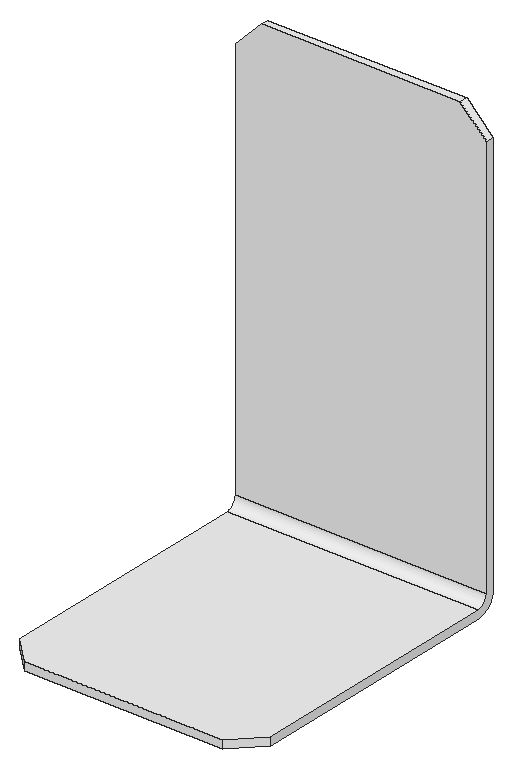
Revit family "JOMA_445", category Structural Connections, host Face, Revit 2012
Parameters (values of type "4450000")
  t = 3.000 mm
  l = 115.000 mm
  h = 170.000 mm
  b = 95.000 mm
  Vikt = "0,6"
  Typ = "VINKEL 445"
  Spikmönster Bult 2 0°≤α≤90° [instance] = no
  Spikmönster Bult 1 45°≤α≤90° [instance] = no
  Spikmönster Bult 1 0°≤α≤45° [instance] = no
  Spikmönster 45°≤α≤90° [instance] = no
  Spikmönster 0°≤α≤45° [instance] = no
  Spik/skruv [instance] = "ANKARSPIK 4,0x40"
  Material = Varmförzinkad stålplåt
  Länk Joma Dimensioneringsverktyg = "http://www.joma.se/dimensioneringsverktyg"
  Default Elevation = 0.000 mm
  Bult (betong) [instance] = "BULT M10"
  Antal spik/skruv i virkesdel B [instance] = if(Spikmönster 0°≤α≤45°, 17, if(Spikmönster 45°≤α≤90°, 17, if(Spikmönster Bult 1 0°≤α≤45°, 4, if(Spikmönster Bult 1 45°≤α≤90°, 4, if(Spikmönster Bult 2 0°≤α≤90°, 1, 0)))))  # 0
  Antal spik/skruv i virkesdel A [instance] = if(Spikmönster 0°≤α≤45°, 24, if(Spikmönster 45°≤α≤90°, 21, if(Spikmönster Bult 1 0°≤α≤45°, 24, if(Spikmönster Bult 1 45°≤α≤90°, 21, if(Spikmönster Bult 2 0°≤α≤90°, 11, 0)))))  # 0
  445 Spikmönster Bult 2 0°≤α≤90° [instance] = and(Spikmönster Bult 2 0°≤α≤90°, not(or(Spikmönster 45°≤α≤90°, Spikmönster Bult 1 0°≤α≤45°, Spikmönster Bult 1 45°≤α≤90°, Spikmönster 0°≤α≤45°)))  # no
  445 Spikmönster Bult 1 45°≤α≤90° [instance] = and(Spikmönster Bult 1 45°≤α≤90°, not(or(Spikmönster 45°≤α≤90°, Spikmönster Bult 1 0°≤α≤45°, Spikmönster 0°≤α≤45°, Spikmönster Bult 2 0°≤α≤90°)))  # no
  445 Spikmönster Bult 1 0°≤α≤45° [instance] = and(Spikmönster Bult 1 0°≤α≤45°, not(or(Spikmönster 45°≤α≤90°, Spikmönster 0°≤α≤45°, Spikmönster Bult 1 45°≤α≤90°, Spikmönster Bult 2 0°≤α≤90°)))  # no
  445 Spikmönster 45°≤α≤90° [instance] = and(Spikmönster 45°≤α≤90°, not(or(Spikmönster 0°≤α≤45°, Spikmönster Bult 1 0°≤α≤45°, Spikmönster Bult 1 45°≤α≤90°, Spikmönster Bult 2 0°≤α≤90°)))  # no
  445 Spikmönster 0°≤α≤45° [instance] = and(Spikmönster 0°≤α≤45°, not(or(Spikmönster 45°≤α≤90°, Spikmönster Bult 1 0°≤α≤45°, Spikmönster Bult 1 45°≤α≤90°, Spikmönster Bult 2 0°≤α≤90°)))  # no
Reference planes
  plane 1 "Center (Front/Back)": y = 0
  plane 2: z = 0
  plane 3 "Center (Left/Right)": x = 0
  plane 4: x = -47.5
  plane 5: x = 47.5
  plane 6: y = -115
  plane 7: z = 170
Forms (mm)
  Extrusion 1, solid, material "Varmförzinkad stålplåt" <- "Material"
    sketch origin (0, 0, 0) x (0, 1, 0) y (0, 0, 1)
      loop
        line (0, 170) -> (-3, 170) -> (-3, 6.843)
        arc (-3, 6.843) -> (-4.126, 4.126) -> (-6.843, 3) r 3.843
        line (-6.843, 3) -> (-115, 3) -> (-115, 0) -> (-6.843, 0)
        arc (-6.843, 0) -> (-2.004, 2.004) -> (0, 6.843) r 6.843
        line (0, 6.843) -> (0, 170)
    from -47.5 to 47.5
  Extrusion 2, void
    sketch origin (0, 0, 0) x (1, 0, 0) y (0, 1, 0)
      loop
        line (-47.5, -115) -> (-37.5, -115) -> (-47.5, -105) -> (-47.5, -115)
      loop
        line (47.5, -115) -> (47.5, -105) -> (37.5, -115) -> (47.5, -115)
    from 0 to 3 <- "t"
  Extrusion 3, void
    sketch origin (0, 0, 0) x (1, 0, 0) y (0, 0, 1)
      loop
        line (-47.5, 170) -> (-47.5, 160) -> (-37.5, 170) -> (-47.5, 170)
      loop
        line (47.5, 170) -> (37.5, 170) -> (47.5, 160) -> (47.5, 170)
    from 0 to 3 <- "t"
Cuts and joins
  Extrusion 2, Extrusion 3 cuts Extrusion 1
Lines and regions (mm)
  symbolic lines
    curve 1: circle (-40, -15, 0) r 2.5 normal (0, 0, 1)
    curve 2: circle (-22.5, -15, 0) r 2.5 normal (0, 0, 1)
    curve 3: circle (-31, -38, 0) r 2.5 normal (0, 0, 1)
    curve 4: circle (-17, -40, 0) r 2.5 normal (0, 0, 1)
    curve 5: circle (-40, -60, 0) r 2.5 normal (0, 0, 1)
    curve 6: circle (-26, -66, 0) r 2.5 normal (0, 0, 1)
    curve 7: circle (-40, -88, 0) r 2.5 normal (0, 0, 1)
    curve 8: circle (-22.5, -107.5, 0) r 2.5 normal (0, 0, 1)
    curve 9: circle (-32.5, -100, 0) r 5.5 normal (0, 0, 1)
    curve 10: circle (0, -107.5, 0) r 2.5 normal (0, 0, 1)
    curve 11: circle (-32.5, -25, 0) r 5.5 normal (0, 0, 1)
    curve 12: circle (40, -15, 0) r 2.5 normal (0, 0, -1)
    curve 13: circle (22.5, -15, 0) r 2.5 normal (0, 0, -1)
    curve 14: circle (31, -38, 0) r 2.5 normal (0, 0, -1)
    curve 15: circle (17, -40, 0) r 2.5 normal (0, 0, -1)
    curve 16: circle (40, -60, 0) r 2.5 normal (0, 0, -1)
    curve 17: circle (26, -66, 0) r 2.5 normal (0, 0, -1)
    curve 18: circle (40, -88, 0) r 2.5 normal (0, 0, -1)
    curve 19: circle (22.5, -107.5, 0) r 2.5 normal (0, 0, -1)
    curve 20: circle (32.5, -100, 0) r 5.5 normal (0, 0, -1)
    curve 21: circle (32.5, -25, 0) r 5.5 normal (0, 0, -1)
    curve 22: circle (0, -85, 0) r 5.5 normal (0, 0, 1)
    curve 23: spline (-9.52, -47.559, 0) -> (-8.298, -55.053, 0) -> (-6.883, -61.437, 0) -> (-5.307, -66.564, 0) -> (-3.608, -70.314, 0) -> (-1.825, -72.599, 0) -> (0, -73.367, 0) -> (1.825, -72.599, 0) -> (3.608, -70.314, 0) -> (5.307, -66.564, 0) -> (6.883, -61.437, 0) -> (8.298, -55.053, 0) -> (9.52, -47.559, 0)
    curve 24: line (-9.52, -47.559, 0) -> (-13.417, -19.641, 0)
    curve 25: line (13.417, -19.641, 0) -> (9.52, -47.559, 0)
    curve 26: spline (-6.347, -9.6, 0) -> (-5.532, -10.493, 0) -> (-4.589, -11.255, 0) -> (-3.538, -11.866, 0) -> (-2.406, -12.313, 0) -> (-1.217, -12.586, 0) -> (0, -12.677, 0) -> (1.217, -12.586, 0) -> (2.406, -12.313, 0) -> (3.538, -11.866, 0) -> (4.589, -11.255, 0) -> (5.532, -10.493, 0) -> (6.347, -9.6, 0)
    curve 27: spline (13.417, -3, 0) -> (13.111, -3.012, 0) -> (12.806, -3.048, 0) -> (12.505, -3.107, 0) -> (12.21, -3.19, 0) -> (11.922, -3.296, 0) -> (11.642, -3.424, 0) -> (11.374, -3.573, 0) -> (11.118, -3.743, 0) -> (10.875, -3.932, 0) -> (10.648, -4.14, 0) -> (10.437, -4.365, 0) -> (10.244, -4.606, 0)
    curve 28: line (6.347, -9.6, 0) -> (10.244, -4.606, 0)
    curve 29: line (-10.244, -4.606, 0) -> (-6.347, -9.6, 0)
    curve 30: spline (-10.244, -4.606, 0) -> (-10.437, -4.365, 0) -> (-10.648, -4.14, 0) -> (-10.875, -3.932, 0) -> (-11.118, -3.743, 0) -> (-11.374, -3.573, 0) -> (-11.642, -3.424, 0) -> (-11.922, -3.296, 0) -> (-12.21, -3.19, 0) -> (-12.505, -3.107, 0) -> (-12.806, -3.048, 0) -> (-13.111, -3.012, 0) -> (-13.417, -3, 0)
    curve 31: arc (13.417, -19.641, 0) -> (16.205, -11.048, 0) -> (20.309, -3, 0) r 57.275
    curve 32: arc (-13.417, -19.641, 0) -> (-16.24, -11.062, 0) -> (-20.309, -3, 0) r 60.486
    curve 65: circle (-40, 0, 146.5) r 2.5 normal (0, -1, 0)
    curve 66: circle (-40, 0, 118.5) r 2.5 normal (0, -1, 0)
    curve 67: circle (-40, 0, 90.5) r 2.5 normal (0, -1, 0)
    curve 68: circle (-40, 0, 62.5) r 2.5 normal (0, -1, 0)
    curve 69: circle (-40, 0, 45) r 2.5 normal (0, -1, 0)
    curve 70: circle (-25, 0, 45) r 5.5 normal (0, -1, 0)
    curve 71: circle (-17.5, 0, 35) r 2.5 normal (0, -1, 0)
    curve 72: circle (-14, 0, 57.5) r 2.5 normal (0, -1, 0)
    curve 73: circle (-26, 0, 71.5) r 2.5 normal (0, -1, 0)
    curve 74: circle (-30, 0, 85) r 5.5 normal (0, -1, 0)
    curve 75: circle (-14, 0, 85.5) r 2.5 normal (0, -1, 0)
    curve 76: circle (-26, 0, 104.5) r 2.5 normal (0, -1, 0)
    curve 77: circle (-26.5, 0, 162.5) r 2.5 normal (0, -1, 0)
    curve 78: circle (-25, 0, 150) r 5.5 normal (0, -1, 0)
    curve 79: circle (-14, 0, 137) r 2.5 normal (0, -1, 0)
    curve 80: circle (0, 0, 157.5) r 2.5 normal (0, -1, 0)
    curve 81: circle (0, 0, 127.5) r 2.5 normal (0, -1, 0)
    curve 82: circle (0, 0, 99.5) r 2.5 normal (0, -1, 0)
    curve 83: circle (40, 0, 146.5) r 2.5 normal (0, 1, 0)
    curve 84: circle (40, 0, 118.5) r 2.5 normal (0, 1, 0)
    curve 85: circle (40, 0, 90.5) r 2.5 normal (0, 1, 0)
    curve 86: circle (40, 0, 62.5) r 2.5 normal (0, 1, 0)
    curve 87: circle (40, 0, 45) r 2.5 normal (0, 1, 0)
    curve 88: circle (25, 0, 45) r 5.5 normal (0, 1, 0)
    curve 89: circle (17.5, 0, 35) r 2.5 normal (0, 1, 0)
    curve 90: circle (14, 0, 57.5) r 2.5 normal (0, 1, 0)
    curve 91: circle (26, 0, 71.5) r 2.5 normal (0, 1, 0)
    curve 92: circle (30, 0, 85) r 5.5 normal (0, 1, 0)
    curve 93: circle (14, 0, 85.5) r 2.5 normal (0, 1, 0)
    curve 94: circle (26, 0, 104.5) r 2.5 normal (0, 1, 0)
    curve 95: circle (26.5, 0, 162.5) r 2.5 normal (0, 1, 0)
    curve 96: circle (25, 0, 150) r 5.5 normal (0, 1, 0)
    curve 97: circle (14, 0, 137) r 2.5 normal (0, 1, 0)
    curve 98: line (-13.417, 0, 19.641) -> (-9.52, 0, 47.559)
    curve 99: spline (9.52, 0, 47.559) -> (8.298, 0, 55.053) -> (6.883, 0, 61.437) -> (5.307, 0, 66.564) -> (3.608, 0, 70.314) -> (1.825, 0, 72.599) -> (0, 0, 73.367) -> (-1.825, 0, 72.599) -> (-3.608, 0, 70.314) -> (-5.307, 0, 66.564) -> (-6.883, 0, 61.437) -> (-8.298, 0, 55.053) -> (-9.52, 0, 47.559)
    curve 100: line (9.52, 0, 47.559) -> (13.417, 0, 19.641)
    curve 101: line (17.956, 0, 7.345) -> (20.307, 0, 3)
    curve 102: line (-20.307, 0, 3) -> (-17.956, 0, 7.345)
    curve 103: line (-10.244, 0, 4.606) -> (-6.347, 0, 9.6)
    curve 104: spline (10.244, 0, 4.606) -> (10.437, 0, 4.365) -> (10.648, 0, 4.14) -> (10.875, 0, 3.932) -> (11.118, 0, 3.743) -> (11.374, 0, 3.573) -> (11.642, 0, 3.424) -> (11.922, 0, 3.296) -> (12.21, 0, 3.19) -> (12.505, 0, 3.107) -> (12.806, 0, 3.048) -> (13.111, 0, 3.012) -> (13.417, 0, 3)
    curve 105: line (6.347, 0, 9.6) -> (10.244, 0, 4.606)
    curve 106: spline (6.347, 0, 9.6) -> (5.532, 0, 10.493) -> (4.589, 0, 11.255) -> (3.538, 0, 11.866) -> (2.406, 0, 12.313) -> (1.217, 0, 12.586) -> (0, 0, 12.677) -> (-1.217, 0, 12.586) -> (-2.406, 0, 12.313) -> (-3.538, 0, 11.866) -> (-4.589, 0, 11.255) -> (-5.532, 0, 10.493) -> (-6.347, 0, 9.6)
    curve 107: spline (-13.417, 0, 3) -> (-13.111, 0, 3.012) -> (-12.806, 0, 3.048) -> (-12.505, 0, 3.107) -> (-12.21, 0, 3.19) -> (-11.922, 0, 3.296) -> (-11.642, 0, 3.424) -> (-11.374, 0, 3.573) -> (-11.118, 0, 3.743) -> (-10.875, 0, 3.932) -> (-10.648, 0, 4.14) -> (-10.437, 0, 4.365) -> (-10.244, 0, 4.606)
    curve 108: arc (-17.956, 0, 7.345) -> (-15.023, 0, 13.248) -> (-13.417, 0, 19.641) r 30.728
    curve 109: arc (13.417, 0, 19.641) -> (15.023, 0, 13.248) -> (17.956, 0, 7.345) r 30.728
    curve 155: line (0, -3.067, 72.639) -> (0, -12.677, 20.691)
    curve 156: arc (0, -12.677, 20.691) -> (0, -15.439, 15.439) -> (0, -20.691, 12.677) r 10
    curve 157: line (0, -20.691, 12.677) -> (0, -72.639, 3.067)
  symbolic lines, not visible
    curve 33: circle (-40, -15, 0) r 2.5 normal (0, 0, 1)
    curve 34: circle (-22.5, -15, 0) r 2.5 normal (0, 0, 1)
    curve 35: circle (-31, -38, 0) r 2.5 normal (0, 0, 1)
    curve 36: circle (-17, -40, 0) r 2.5 normal (0, 0, 1)
    curve 37: circle (-40, -60, 0) r 2.5 normal (0, 0, 1)
    curve 38: circle (-26, -66, 0) r 2.5 normal (0, 0, 1)
    curve 39: circle (-40, -88, 0) r 2.5 normal (0, 0, 1)
    curve 40: circle (-22.5, -107.5, 0) r 2.5 normal (0, 0, 1)
    curve 41: circle (-32.5, -100, 0) r 5.5 normal (0, 0, 1)
    curve 42: circle (0, -107.5, 0) r 2.5 normal (0, 0, 1)
    curve 43: circle (-32.5, -25, 0) r 5.5 normal (0, 0, 1)
    curve 44: circle (40, -15, 0) r 2.5 normal (0, 0, -1)
    curve 45: circle (22.5, -15, 0) r 2.5 normal (0, 0, -1)
    curve 46: circle (31, -38, 0) r 2.5 normal (0, 0, -1)
    curve 47: circle (17, -40, 0) r 2.5 normal (0, 0, -1)
    curve 48: circle (40, -60, 0) r 2.5 normal (0, 0, -1)
    curve 49: circle (26, -66, 0) r 2.5 normal (0, 0, -1)
    curve 50: circle (40, -88, 0) r 2.5 normal (0, 0, -1)
    curve 51: circle (22.5, -107.5, 0) r 2.5 normal (0, 0, -1)
    curve 52: circle (32.5, -100, 0) r 5.5 normal (0, 0, -1)
    curve 53: circle (32.5, -25, 0) r 5.5 normal (0, 0, -1)
    curve 54: circle (0, -85, 0) r 5.5 normal (0, 0, 1)
    curve 55: spline (-9.52, -47.559, 0) -> (-8.298, -55.053, 0) -> (-6.883, -61.437, 0) -> (-5.307, -66.564, 0) -> (-3.608, -70.314, 0) -> (-1.825, -72.599, 0) -> (0, -73.367, 0) -> (1.825, -72.599, 0) -> (3.608, -70.314, 0) -> (5.307, -66.564, 0) -> (6.883, -61.437, 0) -> (8.298, -55.053, 0) -> (9.52, -47.559, 0)
    curve 56: line (-9.52, -47.559, 0) -> (-13.417, -19.641, 0)
    curve 57: line (13.417, -19.641, 0) -> (9.52, -47.559, 0)
    curve 58: spline (-6.347, -9.6, 0) -> (-5.532, -10.493, 0) -> (-4.589, -11.255, 0) -> (-3.538, -11.866, 0) -> (-2.406, -12.313, 0) -> (-1.217, -12.586, 0) -> (0, -12.677, 0) -> (1.217, -12.586, 0) -> (2.406, -12.313, 0) -> (3.538, -11.866, 0) -> (4.589, -11.255, 0) -> (5.532, -10.493, 0) -> (6.347, -9.6, 0)
    curve 59: spline (13.417, -3, 0) -> (13.111, -3.012, 0) -> (12.806, -3.048, 0) -> (12.505, -3.107, 0) -> (12.21, -3.19, 0) -> (11.922, -3.296, 0) -> (11.642, -3.424, 0) -> (11.374, -3.573, 0) -> (11.118, -3.743, 0) -> (10.875, -3.932, 0) -> (10.648, -4.14, 0) -> (10.437, -4.365, 0) -> (10.244, -4.606, 0)
    curve 60: line (6.347, -9.6, 0) -> (10.244, -4.606, 0)
    curve 61: line (-10.244, -4.606, 0) -> (-6.347, -9.6, 0)
    curve 62: spline (-10.244, -4.606, 0) -> (-10.437, -4.365, 0) -> (-10.648, -4.14, 0) -> (-10.875, -3.932, 0) -> (-11.118, -3.743, 0) -> (-11.374, -3.573, 0) -> (-11.642, -3.424, 0) -> (-11.922, -3.296, 0) -> (-12.21, -3.19, 0) -> (-12.505, -3.107, 0) -> (-12.806, -3.048, 0) -> (-13.111, -3.012, 0) -> (-13.417, -3, 0)
    curve 63: arc (13.417, -19.641, 0) -> (16.205, -11.048, 0) -> (20.309, -3, 0) r 57.275
    curve 64: arc (-13.417, -19.641, 0) -> (-16.24, -11.062, 0) -> (-20.309, -3, 0) r 60.486
    curve 110: circle (-40, 0, 146.5) r 2.5 normal (0, -1, 0)
    curve 111: circle (-40, 0, 118.5) r 2.5 normal (0, -1, 0)
    curve 112: circle (-40, 0, 90.5) r 2.5 normal (0, -1, 0)
    curve 113: circle (-40, 0, 62.5) r 2.5 normal (0, -1, 0)
    curve 114: circle (-40, 0, 45) r 2.5 normal (0, -1, 0)
    curve 115: circle (-25, 0, 45) r 5.5 normal (0, -1, 0)
    curve 116: circle (-17.5, 0, 35) r 2.5 normal (0, -1, 0)
    curve 117: circle (-14, 0, 57.5) r 2.5 normal (0, -1, 0)
    curve 118: circle (-26, 0, 71.5) r 2.5 normal (0, -1, 0)
    curve 119: circle (-30, 0, 85) r 5.5 normal (0, -1, 0)
    curve 120: circle (-14, 0, 85.5) r 2.5 normal (0, -1, 0)
    curve 121: circle (-26, 0, 104.5) r 2.5 normal (0, -1, 0)
    curve 122: circle (-26.5, 0, 162.5) r 2.5 normal (0, -1, 0)
    curve 123: circle (-25, 0, 150) r 5.5 normal (0, -1, 0)
    curve 124: circle (-14, 0, 137) r 2.5 normal (0, -1, 0)
    curve 125: circle (0, 0, 157.5) r 2.5 normal (0, -1, 0)
    curve 126: circle (0, 0, 127.5) r 2.5 normal (0, -1, 0)
    curve 127: circle (0, 0, 99.5) r 2.5 normal (0, -1, 0)
    curve 128: circle (40, 0, 146.5) r 2.5 normal (0, 1, 0)
    curve 129: circle (40, 0, 118.5) r 2.5 normal (0, 1, 0)
    curve 130: circle (40, 0, 90.5) r 2.5 normal (0, 1, 0)
    curve 131: circle (40, 0, 62.5) r 2.5 normal (0, 1, 0)
    curve 132: circle (40, 0, 45) r 2.5 normal (0, 1, 0)
    curve 133: circle (25, 0, 45) r 5.5 normal (0, 1, 0)
    curve 134: circle (17.5, 0, 35) r 2.5 normal (0, 1, 0)
    curve 135: circle (14, 0, 57.5) r 2.5 normal (0, 1, 0)
    curve 136: circle (26, 0, 71.5) r 2.5 normal (0, 1, 0)
    curve 137: circle (30, 0, 85) r 5.5 normal (0, 1, 0)
    curve 138: circle (14, 0, 85.5) r 2.5 normal (0, 1, 0)
    curve 139: circle (26, 0, 104.5) r 2.5 normal (0, 1, 0)
    curve 140: circle (26.5, 0, 162.5) r 2.5 normal (0, 1, 0)
    curve 141: circle (25, 0, 150) r 5.5 normal (0, 1, 0)
    curve 142: circle (14, 0, 137) r 2.5 normal (0, 1, 0)
    curve 143: line (-13.417, 0, 19.641) -> (-9.52, 0, 47.559)
    curve 144: spline (9.52, 0, 47.559) -> (8.298, 0, 55.053) -> (6.883, 0, 61.437) -> (5.307, 0, 66.564) -> (3.608, 0, 70.314) -> (1.825, 0, 72.599) -> (0, 0, 73.367) -> (-1.825, 0, 72.599) -> (-3.608, 0, 70.314) -> (-5.307, 0, 66.564) -> (-6.883, 0, 61.437) -> (-8.298, 0, 55.053) -> (-9.52, 0, 47.559)
    curve 145: line (9.52, 0, 47.559) -> (13.417, 0, 19.641)
    curve 146: line (17.956, 0, 7.345) -> (20.307, 0, 3)
    curve 147: line (-20.307, 0, 3) -> (-17.956, 0, 7.345)
    curve 148: line (-10.244, 0, 4.606) -> (-6.347, 0, 9.6)
    curve 149: spline (10.244, 0, 4.606) -> (10.437, 0, 4.365) -> (10.648, 0, 4.14) -> (10.875, 0, 3.932) -> (11.118, 0, 3.743) -> (11.374, 0, 3.573) -> (11.642, 0, 3.424) -> (11.922, 0, 3.296) -> (12.21, 0, 3.19) -> (12.505, 0, 3.107) -> (12.806, 0, 3.048) -> (13.111, 0, 3.012) -> (13.417, 0, 3)
    curve 150: line (6.347, 0, 9.6) -> (10.244, 0, 4.606)
    curve 151: spline (6.347, 0, 9.6) -> (5.532, 0, 10.493) -> (4.589, 0, 11.255) -> (3.538, 0, 11.866) -> (2.406, 0, 12.313) -> (1.217, 0, 12.586) -> (0, 0, 12.677) -> (-1.217, 0, 12.586) -> (-2.406, 0, 12.313) -> (-3.538, 0, 11.866) -> (-4.589, 0, 11.255) -> (-5.532, 0, 10.493) -> (-6.347, 0, 9.6)
    curve 152: spline (-13.417, 0, 3) -> (-13.111, 0, 3.012) -> (-12.806, 0, 3.048) -> (-12.505, 0, 3.107) -> (-12.21, 0, 3.19) -> (-11.922, 0, 3.296) -> (-11.642, 0, 3.424) -> (-11.374, 0, 3.573) -> (-11.118, 0, 3.743) -> (-10.875, 0, 3.932) -> (-10.648, 0, 4.14) -> (-10.437, 0, 4.365) -> (-10.244, 0, 4.606)
    curve 153: arc (-17.956, 0, 7.345) -> (-15.023, 0, 13.248) -> (-13.417, 0, 19.641) r 30.728
    curve 154: arc (13.417, 0, 19.641) -> (15.023, 0, 13.248) -> (17.956, 0, 7.345) r 30.728
    curve 158: line (0, -3.067, 72.639) -> (0, -12.677, 20.691)
    curve 159: arc (0, -12.677, 20.691) -> (0, -15.439, 15.439) -> (0, -20.691, 12.677) r 10
    curve 160: line (0, -20.691, 12.677) -> (0, -72.639, 3.067)
Text (mm)
  text "Virkesdel A" at (307.229, 0, 152.844), in view "Front"
  text "Virkesdel B/Betong" at (228.879, -12.888, 0), in view "Ref. Level"
Dimensions and locks
  "b": plane 5 to plane 4
  "l": plane 1 "Center (Front/Back)" to plane 6
  "h": plane 7 to host face
  equal spacing: plane 5, plane 3 "Center (Left/Right)", plane 4
  "t": plane 1 "Center (Front/Back)" to Extrusion 1
  "t": Extrusion 1 to host face
  aligned and locked: plane 2 to host face
  aligned and locked: level to host face
  aligned and locked: plane 5 to Extrusion 1
  aligned and locked: Extrusion 1 to plane 4
  aligned and locked: Extrusion 1 to plane 6
  aligned and locked: plane 7 to Extrusion 1
Automatic sketch dimensions
  host sketch curve to host sketch curve = 2438.400 mm  (x2)
  Extrusion 1 sketch curve to plane 6 = 0.000 mm
  Extrusion 1 sketch curve to level = 0.000 mm
  Extrusion 1 sketch curve to plane 7 = 0.000 mm
  plane 1 "Center (Front/Back)" to Extrusion 1 sketch curve = 6.843 mm
  Extrusion 1 sketch curve to Extrusion 1 sketch curve = 0.000 mm
  plane 1 "Center (Front/Back)" to Extrusion 1 sketch curve = 3.000 mm
  Extrusion 1 sketch curve to plane 1 "Center (Front/Back)" = 0.000 mm
  level to Extrusion 1 sketch curve = 3.000 mm
  Extrusion 2 sketch curve to plane 4 = 0.000 mm
  Extrusion 2 sketch curve to plane 6 = 0.000 mm  (x2)
  Extrusion 2 sketch curve to plane 5 = 0.000 mm
  plane 4 to Extrusion 2 sketch curve = 10.000 mm
  Extrusion 2 sketch curve to plane 5 = 10.000 mm
  plane 6 to Extrusion 2 sketch curve = 10.000 mm  (x2)
  Extrusion 3 sketch curve to plane 4 = 0.000 mm
  Extrusion 3 sketch curve to plane 7 = 0.000 mm  (x2)
  Extrusion 3 sketch curve to plane 5 = 0.000 mm
  plane 4 to Extrusion 3 sketch curve = 10.000 mm
  Extrusion 3 sketch curve to plane 5 = 10.000 mm
  Extrusion 3 sketch curve to plane 7 = 10.000 mm  (x2)
Nested families
  nested 1: "Spikmönster" at (-26.5, 0, 162.5) x (1, 0, 0) z (0, -1, 0), visible <- "445 Spikmönster 0°≤α≤45°", type "Ø5"
  nested 2: "Spikmönster" at (26.5, 0, 162.5) x (1, 0, 0) z (0, -1, 0), visible <- "445 Spikmönster 0°≤α≤45°", type "Ø5"
  nested 3: "Spikmönster" at (0, 0, 157.5) x (1, 0, 0) z (0, -1, 0), visible <- "445 Spikmönster 0°≤α≤45°", type "Ø5"
  nested 4: "Spikmönster" at (-40, 0, 146.5) x (1, 0, 0) z (0, -1, 0), visible <- "445 Spikmönster 0°≤α≤45°", type "Ø5"
  nested 5: "Spikmönster" at (40, 0, 146.5) x (1, 0, 0) z (0, -1, 0), visible <- "445 Spikmönster 0°≤α≤45°", type "Ø5"
  nested 6: "Spikmönster" at (14, 0, 137) x (1, 0, 0) z (0, -1, 0), visible <- "445 Spikmönster 0°≤α≤45°", type "Ø5"
  nested 7: "Spikmönster" at (-14, 0, 137) x (1, 0, 0) z (0, -1, 0), visible <- "445 Spikmönster 0°≤α≤45°", type "Ø5"
  nested 8: "Spikmönster" at (-40, 0, 118.5) x (1, 0, 0) z (0, -1, 0), visible <- "445 Spikmönster 0°≤α≤45°", type "Ø5"
  nested 9: "Spikmönster" at (40, 0, 118.5) x (1, 0, 0) z (0, -1, 0), visible <- "445 Spikmönster 0°≤α≤45°", type "Ø5"
  nested 10: "Spikmönster" at (26, 0, 104.5) x (1, 0, 0) z (0, -1, 0), visible <- "445 Spikmönster 0°≤α≤45°", type "Ø5"
  nested 11: "Spikmönster" at (-26, 0, 104.5) x (1, 0, 0) z (0, -1, 0), visible <- "445 Spikmönster 0°≤α≤45°", type "Ø5"
  nested 12: "Spikmönster" at (0, 0, 99.5) x (1, 0, 0) z (0, -1, 0), visible <- "445 Spikmönster 0°≤α≤45°", type "Ø5"
  nested 13: "Spikmönster" at (40, 0, 90.5) x (1, 0, 0) z (0, -1, 0), visible <- "445 Spikmönster 0°≤α≤45°", type "Ø5"
  nested 14: "Spikmönster" at (14, 0, 85.5) x (1, 0, 0) z (0, -1, 0), visible <- "445 Spikmönster 0°≤α≤45°", type "Ø5"
  nested 15: "Spikmönster" at (-14, 0, 85.5) x (1, 0, 0) z (0, -1, 0), visible <- "445 Spikmönster 0°≤α≤45°", type "Ø5"
  nested 16: "Spikmönster" at (-40, 0, 90.5) x (1, 0, 0) z (0, -1, 0), visible <- "445 Spikmönster 0°≤α≤45°", type "Ø5"
  nested 17: "Spikmönster" at (-40, 0, 62.5) x (1, 0, 0) z (0, -1, 0), visible <- "445 Spikmönster 0°≤α≤45°", type "Ø5"
  nested 18: "Spikmönster" at (-40, 0, 45) x (1, 0, 0) z (0, -1, 0), visible <- "445 Spikmönster 0°≤α≤45°", type "Ø5"
  nested 19: "Spikmönster" at (-17.5, 0, 35) x (1, 0, 0) z (0, -1, 0), visible <- "445 Spikmönster 0°≤α≤45°", type "Ø5"
  nested 20: "Spikmönster" at (-14, 0, 57.5) x (1, 0, 0) z (0, -1, 0), visible <- "445 Spikmönster 0°≤α≤45°", type "Ø5"
  nested 21: "Spikmönster" at (14, 0, 57.5) x (1, 0, 0) z (0, -1, 0), visible <- "445 Spikmönster 0°≤α≤45°", type "Ø5"
  nested 22: "Spikmönster" at (40, 0, 45) x (1, 0, 0) z (0, -1, 0), visible <- "445 Spikmönster 0°≤α≤45°", type "Ø5"
  nested 23: "Spikmönster" at (17.5, 0, 35) x (1, 0, 0) z (0, -1, 0), visible <- "445 Spikmönster 0°≤α≤45°", type "Ø5"
  nested 24: "Spikmönster" at (40, 0, 62.5) x (1, 0, 0) z (0, -1, 0), visible <- "445 Spikmönster 0°≤α≤45°", type "Ø5"
  nested 25: "Spikmönster" at (-26.5, 0, 162.5) x (1, 0, 0) z (0, -1, 0), visible <- "445 Spikmönster 45°≤α≤90°", type "Ø5"
  nested 26: "Spikmönster" at (26.5, 0, 162.5) x (1, 0, 0) z (0, -1, 0), visible <- "445 Spikmönster 45°≤α≤90°", type "Ø5"
  nested 27: "Spikmönster" at (0, 0, 157.5) x (1, 0, 0) z (0, -1, 0), visible <- "445 Spikmönster 45°≤α≤90°", type "Ø5"
  nested 28: "Spikmönster" at (-40, 0, 146.5) x (1, 0, 0) z (0, -1, 0), visible <- "445 Spikmönster 45°≤α≤90°", type "Ø5"
  nested 29: "Spikmönster" at (40, 0, 146.5) x (1, 0, 0) z (0, -1, 0), visible <- "445 Spikmönster 45°≤α≤90°", type "Ø5"
  nested 30: "Spikmönster" at (14, 0, 137) x (1, 0, 0) z (0, -1, 0), visible <- "445 Spikmönster 45°≤α≤90°", type "Ø5"
  nested 31: "Spikmönster" at (-14, 0, 137) x (1, 0, 0) z (0, -1, 0), visible <- "445 Spikmönster 45°≤α≤90°", type "Ø5"
  nested 32: "Spikmönster" at (-40, 0, 118.5) x (1, 0, 0) z (0, -1, 0), visible <- "445 Spikmönster 45°≤α≤90°", type "Ø5"
  nested 33: "Spikmönster" at (40, 0, 118.5) x (1, 0, 0) z (0, -1, 0), visible <- "445 Spikmönster 45°≤α≤90°", type "Ø5"
  nested 34: "Spikmönster" at (26, 0, 104.5) x (1, 0, 0) z (0, -1, 0), visible <- "445 Spikmönster 45°≤α≤90°", type "Ø5"
  nested 35: "Spikmönster" at (-26, 0, 104.5) x (1, 0, 0) z (0, -1, 0), visible <- "445 Spikmönster 45°≤α≤90°", type "Ø5"
  nested 36: "Spikmönster" at (0, 0, 99.5) x (1, 0, 0) z (0, -1, 0), visible <- "445 Spikmönster 45°≤α≤90°", type "Ø5"
  nested 37: "Spikmönster" at (40, 0, 90.5) x (1, 0, 0) z (0, -1, 0), visible <- "445 Spikmönster 45°≤α≤90°", type "Ø5"
  nested 38: "Spikmönster" at (-40, 0, 90.5) x (1, 0, 0) z (0, -1, 0), visible <- "445 Spikmönster 45°≤α≤90°", type "Ø5"
  nested 39: "Spikmönster" at (-40, 0, 62.5) x (1, 0, 0) z (0, -1, 0), visible <- "445 Spikmönster 45°≤α≤90°", type "Ø5"
  nested 40: "Spikmönster" at (-14, 0, 57.5) x (1, 0, 0) z (0, -1, 0), visible <- "445 Spikmönster 45°≤α≤90°", type "Ø5"
  nested 41: "Spikmönster" at (14, 0, 57.5) x (1, 0, 0) z (0, -1, 0), visible <- "445 Spikmönster 45°≤α≤90°", type "Ø5"
  nested 42: "Spikmönster" at (40, 0, 62.5) x (1, 0, 0) z (0, -1, 0), visible <- "445 Spikmönster 45°≤α≤90°", type "Ø5"
  nested 43: "Spikmönster" at (0, 0, 127.5) x (1, 0, 0) z (0, -1, 0), visible <- "445 Spikmönster 45°≤α≤90°", type "Ø5"
  nested 44: "Spikmönster" at (-26, 0, 71.5) x (1, 0, 0) z (0, -1, 0), visible <- "445 Spikmönster 45°≤α≤90°", type "Ø5"
  nested 45: "Spikmönster" at (26, 0, 71.5) x (1, 0, 0) z (0, -1, 0), visible <- "445 Spikmönster 45°≤α≤90°", type "Ø5"
  nested 46: "Spikmönster" at (-26.5, 0, 162.5) x (1, 0, 0) z (0, -1, 0), visible <- "445 Spikmönster 0°≤α≤45°", type "Ø5", not visible
  nested 47: "Spikmönster" at (26.5, 0, 162.5) x (1, 0, 0) z (0, -1, 0), visible <- "445 Spikmönster 0°≤α≤45°", type "Ø5", not visible
  nested 48: "Spikmönster" at (0, 0, 157.5) x (1, 0, 0) z (0, -1, 0), visible <- "445 Spikmönster 0°≤α≤45°", type "Ø5", not visible
  nested 49: "Spikmönster" at (-40, 0, 146.5) x (1, 0, 0) z (0, -1, 0), visible <- "445 Spikmönster 0°≤α≤45°", type "Ø5", not visible
  nested 50: "Spikmönster" at (40, 0, 146.5) x (1, 0, 0) z (0, -1, 0), visible <- "445 Spikmönster 0°≤α≤45°", type "Ø5", not visible
  nested 51: "Spikmönster" at (14, 0, 137) x (1, 0, 0) z (0, -1, 0), visible <- "445 Spikmönster 0°≤α≤45°", type "Ø5", not visible
  nested 52: "Spikmönster" at (-14, 0, 137) x (1, 0, 0) z (0, -1, 0), visible <- "445 Spikmönster 0°≤α≤45°", type "Ø5", not visible
  nested 53: "Spikmönster" at (-40, 0, 118.5) x (1, 0, 0) z (0, -1, 0), visible <- "445 Spikmönster 0°≤α≤45°", type "Ø5", not visible
  nested 54: "Spikmönster" at (40, 0, 118.5) x (1, 0, 0) z (0, -1, 0), visible <- "445 Spikmönster 0°≤α≤45°", type "Ø5", not visible
  nested 55: "Spikmönster" at (26, 0, 104.5) x (1, 0, 0) z (0, -1, 0), visible <- "445 Spikmönster 0°≤α≤45°", type "Ø5", not visible
  nested 56: "Spikmönster" at (-26, 0, 104.5) x (1, 0, 0) z (0, -1, 0), visible <- "445 Spikmönster 0°≤α≤45°", type "Ø5", not visible
  nested 57: "Spikmönster" at (0, 0, 99.5) x (1, 0, 0) z (0, -1, 0), visible <- "445 Spikmönster 0°≤α≤45°", type "Ø5", not visible
  nested 58: "Spikmönster" at (40, 0, 90.5) x (1, 0, 0) z (0, -1, 0), visible <- "445 Spikmönster 0°≤α≤45°", type "Ø5", not visible
  nested 59: "Spikmönster" at (14, 0, 85.5) x (1, 0, 0) z (0, -1, 0), visible <- "445 Spikmönster 0°≤α≤45°", type "Ø5", not visible
  nested 60: "Spikmönster" at (-14, 0, 85.5) x (1, 0, 0) z (0, -1, 0), visible <- "445 Spikmönster 0°≤α≤45°", type "Ø5", not visible
  nested 61: "Spikmönster" at (-40, 0, 90.5) x (1, 0, 0) z (0, -1, 0), visible <- "445 Spikmönster 0°≤α≤45°", type "Ø5", not visible
  nested 62: "Spikmönster" at (-40, 0, 62.5) x (1, 0, 0) z (0, -1, 0), visible <- "445 Spikmönster 0°≤α≤45°", type "Ø5", not visible
  nested 63: "Spikmönster" at (-40, 0, 45) x (1, 0, 0) z (0, -1, 0), visible <- "445 Spikmönster 0°≤α≤45°", type "Ø5", not visible
  nested 64: "Spikmönster" at (-17.5, 0, 35) x (1, 0, 0) z (0, -1, 0), visible <- "445 Spikmönster 0°≤α≤45°", type "Ø5", not visible
  nested 65: "Spikmönster" at (-14, 0, 57.5) x (1, 0, 0) z (0, -1, 0), visible <- "445 Spikmönster 0°≤α≤45°", type "Ø5", not visible
  nested 66: "Spikmönster" at (14, 0, 57.5) x (1, 0, 0) z (0, -1, 0), visible <- "445 Spikmönster 0°≤α≤45°", type "Ø5", not visible
  nested 67: "Spikmönster" at (40, 0, 45) x (1, 0, 0) z (0, -1, 0), visible <- "445 Spikmönster 0°≤α≤45°", type "Ø5", not visible
  nested 68: "Spikmönster" at (17.5, 0, 35) x (1, 0, 0) z (0, -1, 0), visible <- "445 Spikmönster 0°≤α≤45°", type "Ø5", not visible
  nested 69: "Spikmönster" at (40, 0, 62.5) x (1, 0, 0) z (0, -1, 0), visible <- "445 Spikmönster 0°≤α≤45°", type "Ø5", not visible
  nested 70: "Spikmönster" at (-26.5, 0, 162.5) x (1, 0, 0) z (0, -1, 0), visible <- "445 Spikmönster 45°≤α≤90°", type "Ø5", not visible
  nested 71: "Spikmönster" at (26.5, 0, 162.5) x (1, 0, 0) z (0, -1, 0), visible <- "445 Spikmönster 45°≤α≤90°", type "Ø5", not visible
  nested 72: "Spikmönster" at (0, 0, 157.5) x (1, 0, 0) z (0, -1, 0), visible <- "445 Spikmönster 45°≤α≤90°", type "Ø5", not visible
  nested 73: "Spikmönster" at (-40, 0, 146.5) x (1, 0, 0) z (0, -1, 0), visible <- "445 Spikmönster 45°≤α≤90°", type "Ø5", not visible
  nested 74: "Spikmönster" at (40, 0, 146.5) x (1, 0, 0) z (0, -1, 0), visible <- "445 Spikmönster 45°≤α≤90°", type "Ø5", not visible
  nested 75: "Spikmönster" at (14, 0, 137) x (1, 0, 0) z (0, -1, 0), visible <- "445 Spikmönster 45°≤α≤90°", type "Ø5", not visible
  nested 76: "Spikmönster" at (-14, 0, 137) x (1, 0, 0) z (0, -1, 0), visible <- "445 Spikmönster 45°≤α≤90°", type "Ø5", not visible
  nested 77: "Spikmönster" at (-40, 0, 118.5) x (1, 0, 0) z (0, -1, 0), visible <- "445 Spikmönster 45°≤α≤90°", type "Ø5", not visible
  nested 78: "Spikmönster" at (40, 0, 118.5) x (1, 0, 0) z (0, -1, 0), visible <- "445 Spikmönster 45°≤α≤90°", type "Ø5", not visible
  nested 79: "Spikmönster" at (26, 0, 104.5) x (1, 0, 0) z (0, -1, 0), visible <- "445 Spikmönster 45°≤α≤90°", type "Ø5", not visible
  nested 80: "Spikmönster" at (-26, 0, 104.5) x (1, 0, 0) z (0, -1, 0), visible <- "445 Spikmönster 45°≤α≤90°", type "Ø5", not visible
  nested 81: "Spikmönster" at (0, 0, 99.5) x (1, 0, 0) z (0, -1, 0), visible <- "445 Spikmönster 45°≤α≤90°", type "Ø5", not visible
  nested 82: "Spikmönster" at (40, 0, 90.5) x (1, 0, 0) z (0, -1, 0), visible <- "445 Spikmönster 45°≤α≤90°", type "Ø5", not visible
  nested 83: "Spikmönster" at (-40, 0, 90.5) x (1, 0, 0) z (0, -1, 0), visible <- "445 Spikmönster 45°≤α≤90°", type "Ø5", not visible
  nested 84: "Spikmönster" at (-40, 0, 62.5) x (1, 0, 0) z (0, -1, 0), visible <- "445 Spikmönster 45°≤α≤90°", type "Ø5", not visible
  nested 85: "Spikmönster" at (-14, 0, 57.5) x (1, 0, 0) z (0, -1, 0), visible <- "445 Spikmönster 45°≤α≤90°", type "Ø5", not visible
  nested 86: "Spikmönster" at (14, 0, 57.5) x (1, 0, 0) z (0, -1, 0), visible <- "445 Spikmönster 45°≤α≤90°", type "Ø5", not visible
  nested 87: "Spikmönster" at (40, 0, 62.5) x (1, 0, 0) z (0, -1, 0), visible <- "445 Spikmönster 45°≤α≤90°", type "Ø5", not visible
  nested 88: "Spikmönster" at (0, 0, 127.5) x (1, 0, 0) z (0, -1, 0), visible <- "445 Spikmönster 45°≤α≤90°", type "Ø5", not visible
  nested 89: "Spikmönster" at (-26, 0, 71.5) x (1, 0, 0) z (0, -1, 0), visible <- "445 Spikmönster 45°≤α≤90°", type "Ø5", not visible
  nested 90: "Spikmönster" at (26, 0, 71.5) x (1, 0, 0) z (0, -1, 0), visible <- "445 Spikmönster 45°≤α≤90°", type "Ø5", not visible
  nested 91: "Spikmönster" at (-40, -15, 0), visible <- "445 Spikmönster 0°≤α≤45°", type "Ø5"
  nested 92: "Spikmönster" at (-22.5, -15, 0), visible <- "445 Spikmönster 0°≤α≤45°", type "Ø5"
  nested 93: "Spikmönster" at (22.5, -15, 0), visible <- "445 Spikmönster 0°≤α≤45°", type "Ø5"
  nested 94: "Spikmönster" at (40, -15, 0), visible <- "445 Spikmönster 0°≤α≤45°", type "Ø5"
  nested 95: "Spikmönster" at (31, -38, 0), visible <- "445 Spikmönster 0°≤α≤45°", type "Ø5"
  nested 96: "Spikmönster" at (-31, -38, 0), visible <- "445 Spikmönster 0°≤α≤45°", type "Ø5"
  nested 97: "Spikmönster" at (-17, -40, 0), visible <- "445 Spikmönster 0°≤α≤45°", type "Ø5"
  nested 98: "Spikmönster" at (17, -40, 0), visible <- "445 Spikmönster 0°≤α≤45°", type "Ø5"
  nested 99: "Spikmönster" at (40, -60, 0), visible <- "445 Spikmönster 0°≤α≤45°", type "Ø5"
  nested 100: "Spikmönster" at (-40, -60, 0), visible <- "445 Spikmönster 0°≤α≤45°", type "Ø5"
  nested 101: "Spikmönster" at (-26, -66, 0), visible <- "445 Spikmönster 0°≤α≤45°", type "Ø5"
  nested 102: "Spikmönster" at (26, -66, 0), visible <- "445 Spikmönster 0°≤α≤45°", type "Ø5"
  nested 103: "Spikmönster" at (40, -88, 0), visible <- "445 Spikmönster 0°≤α≤45°", type "Ø5"
  nested 104: "Spikmönster" at (-40, -88, 0), visible <- "445 Spikmönster 0°≤α≤45°", type "Ø5"
  nested 105: "Spikmönster" at (0, -107.5, 0), visible <- "445 Spikmönster 0°≤α≤45°", type "Ø5"
  nested 106: "Spikmönster" at (22.5, -107.5, 0), visible <- "445 Spikmönster 0°≤α≤45°", type "Ø5"
  nested 107: "Spikmönster" at (-22.5, -107.5, 0), visible <- "445 Spikmönster 0°≤α≤45°", type "Ø5"
  nested 108: "Spikmönster" at (-40, -15, 0), visible <- "445 Spikmönster 45°≤α≤90°", type "Ø5"
  nested 109: "Spikmönster" at (-22.5, -15, 0), visible <- "445 Spikmönster 45°≤α≤90°", type "Ø5"
  nested 110: "Spikmönster" at (22.5, -15, 0), visible <- "445 Spikmönster 45°≤α≤90°", type "Ø5"
  nested 111: "Spikmönster" at (40, -15, 0), visible <- "445 Spikmönster 45°≤α≤90°", type "Ø5"
  nested 112: "Spikmönster" at (31, -38, 0), visible <- "445 Spikmönster 45°≤α≤90°", type "Ø5"
  nested 113: "Spikmönster" at (-31, -38, 0), visible <- "445 Spikmönster 45°≤α≤90°", type "Ø5"
  nested 114: "Spikmönster" at (-17, -40, 0), visible <- "445 Spikmönster 45°≤α≤90°", type "Ø5"
  nested 115: "Spikmönster" at (17, -40, 0), visible <- "445 Spikmönster 45°≤α≤90°", type "Ø5"
  nested 116: "Spikmönster" at (40, -60, 0), visible <- "445 Spikmönster 45°≤α≤90°", type "Ø5"
  nested 117: "Spikmönster" at (-40, -60, 0), visible <- "445 Spikmönster 45°≤α≤90°", type "Ø5"
  nested 118: "Spikmönster" at (-26, -66, 0), visible <- "445 Spikmönster 45°≤α≤90°", type "Ø5"
  nested 119: "Spikmönster" at (26, -66, 0), visible <- "445 Spikmönster 45°≤α≤90°", type "Ø5"
  nested 120: "Spikmönster" at (40, -88, 0), visible <- "445 Spikmönster 45°≤α≤90°", type "Ø5"
  nested 121: "Spikmönster" at (-40, -88, 0), visible <- "445 Spikmönster 45°≤α≤90°", type "Ø5"
  nested 122: "Spikmönster" at (0, -107.5, 0), visible <- "445 Spikmönster 45°≤α≤90°", type "Ø5"
  nested 123: "Spikmönster" at (22.5, -107.5, 0), visible <- "445 Spikmönster 45°≤α≤90°", type "Ø5"
  nested 124: "Spikmönster" at (-22.5, -107.5, 0), visible <- "445 Spikmönster 45°≤α≤90°", type "Ø5"
  nested 125: "Spikmönster" at (-40, -15, 0), visible <- "445 Spikmönster 0°≤α≤45°", type "Ø5", not visible
  nested 126: "Spikmönster" at (-22.5, -15, 0), visible <- "445 Spikmönster 0°≤α≤45°", type "Ø5", not visible
  nested 127: "Spikmönster" at (22.5, -15, 0), visible <- "445 Spikmönster 0°≤α≤45°", type "Ø5", not visible
  nested 128: "Spikmönster" at (40, -15, 0), visible <- "445 Spikmönster 0°≤α≤45°", type "Ø5", not visible
  nested 129: "Spikmönster" at (31, -38, 0), visible <- "445 Spikmönster 0°≤α≤45°", type "Ø5", not visible
  nested 130: "Spikmönster" at (-31, -38, 0), visible <- "445 Spikmönster 0°≤α≤45°", type "Ø5", not visible
  nested 131: "Spikmönster" at (-17, -40, 0), visible <- "445 Spikmönster 0°≤α≤45°", type "Ø5", not visible
  nested 132: "Spikmönster" at (17, -40, 0), visible <- "445 Spikmönster 0°≤α≤45°", type "Ø5", not visible
  nested 133: "Spikmönster" at (40, -60, 0), visible <- "445 Spikmönster 0°≤α≤45°", type "Ø5", not visible
  nested 134: "Spikmönster" at (-40, -60, 0), visible <- "445 Spikmönster 0°≤α≤45°", type "Ø5", not visible
  nested 135: "Spikmönster" at (-26, -66, 0), visible <- "445 Spikmönster 0°≤α≤45°", type "Ø5", not visible
  nested 136: "Spikmönster" at (26, -66, 0), visible <- "445 Spikmönster 0°≤α≤45°", type "Ø5", not visible
  nested 137: "Spikmönster" at (40, -88, 0), visible <- "445 Spikmönster 0°≤α≤45°", type "Ø5", not visible
  nested 138: "Spikmönster" at (-40, -88, 0), visible <- "445 Spikmönster 0°≤α≤45°", type "Ø5", not visible
  nested 139: "Spikmönster" at (0, -107.5, 0), visible <- "445 Spikmönster 0°≤α≤45°", type "Ø5", not visible
  nested 140: "Spikmönster" at (22.5, -107.5, 0), visible <- "445 Spikmönster 0°≤α≤45°", type "Ø5", not visible
  nested 141: "Spikmönster" at (-22.5, -107.5, 0), visible <- "445 Spikmönster 0°≤α≤45°", type "Ø5", not visible
  nested 142: "Spikmönster" at (-40, -15, 0), visible <- "445 Spikmönster 45°≤α≤90°", type "Ø5", not visible
  nested 143: "Spikmönster" at (-22.5, -15, 0), visible <- "445 Spikmönster 45°≤α≤90°", type "Ø5", not visible
  nested 144: "Spikmönster" at (22.5, -15, 0), visible <- "445 Spikmönster 45°≤α≤90°", type "Ø5", not visible
  nested 145: "Spikmönster" at (40, -15, 0), visible <- "445 Spikmönster 45°≤α≤90°", type "Ø5", not visible
  nested 146: "Spikmönster" at (31, -38, 0), visible <- "445 Spikmönster 45°≤α≤90°", type "Ø5", not visible
  nested 147: "Spikmönster" at (-31, -38, 0), visible <- "445 Spikmönster 45°≤α≤90°", type "Ø5", not visible
  nested 148: "Spikmönster" at (-17, -40, 0), visible <- "445 Spikmönster 45°≤α≤90°", type "Ø5", not visible
  nested 149: "Spikmönster" at (17, -40, 0), visible <- "445 Spikmönster 45°≤α≤90°", type "Ø5", not visible
  nested 150: "Spikmönster" at (40, -60, 0), visible <- "445 Spikmönster 45°≤α≤90°", type "Ø5", not visible
  nested 151: "Spikmönster" at (-40, -60, 0), visible <- "445 Spikmönster 45°≤α≤90°", type "Ø5", not visible
  nested 152: "Spikmönster" at (-26, -66, 0), visible <- "445 Spikmönster 45°≤α≤90°", type "Ø5", not visible
  nested 153: "Spikmönster" at (26, -66, 0), visible <- "445 Spikmönster 45°≤α≤90°", type "Ø5", not visible
  nested 154: "Spikmönster" at (40, -88, 0), visible <- "445 Spikmönster 45°≤α≤90°", type "Ø5", not visible
  nested 155: "Spikmönster" at (-40, -88, 0), visible <- "445 Spikmönster 45°≤α≤90°", type "Ø5", not visible
  nested 156: "Spikmönster" at (0, -107.5, 0), visible <- "445 Spikmönster 45°≤α≤90°", type "Ø5", not visible
  nested 157: "Spikmönster" at (22.5, -107.5, 0), visible <- "445 Spikmönster 45°≤α≤90°", type "Ø5", not visible
  nested 158: "Spikmönster" at (-22.5, -107.5, 0), visible <- "445 Spikmönster 45°≤α≤90°", type "Ø5", not visible
  nested 159: "Spikmönster" at (-32.5, -25, 0), visible <- "445 Spikmönster Bult 1 0°≤α≤45°", type "Ø11"
  nested 160: "Spikmönster" at (32.5, -25, 0), visible <- "445 Spikmönster Bult 1 0°≤α≤45°", type "Ø11"
  nested 161: "Spikmönster" at (32.5, -100, 0), visible <- "445 Spikmönster Bult 1 0°≤α≤45°", type "Ø11"
  nested 162: "Spikmönster" at (-32.5, -100, 0), visible <- "445 Spikmönster Bult 1 0°≤α≤45°", type "Ø11"
  nested 163: "Spikmönster" at (-32.5, -25, 0), visible <- "445 Spikmönster Bult 1 45°≤α≤90°", type "Ø11"
  nested 164: "Spikmönster" at (32.5, -25, 0), visible <- "445 Spikmönster Bult 1 45°≤α≤90°", type "Ø11"
  nested 165: "Spikmönster" at (32.5, -100, 0), visible <- "445 Spikmönster Bult 1 45°≤α≤90°", type "Ø11"
  nested 166: "Spikmönster" at (-32.5, -100, 0), visible <- "445 Spikmönster Bult 1 45°≤α≤90°", type "Ø11"
  nested 167: "Spikmönster" at (0, -85, 0), visible <- "445 Spikmönster Bult 2 0°≤α≤90°", type "Ø11"
  nested 168: "Spikmönster" at (-32.5, -25, 0), visible <- "445 Spikmönster Bult 1 0°≤α≤45°", type "Ø11", not visible
  nested 169: "Spikmönster" at (32.5, -25, 0), visible <- "445 Spikmönster Bult 1 0°≤α≤45°", type "Ø11", not visible
  nested 170: "Spikmönster" at (32.5, -100, 0), visible <- "445 Spikmönster Bult 1 0°≤α≤45°", type "Ø11", not visible
  nested 171: "Spikmönster" at (-32.5, -100, 0), visible <- "445 Spikmönster Bult 1 0°≤α≤45°", type "Ø11", not visible
  nested 172: "Spikmönster" at (-32.5, -25, 0), visible <- "445 Spikmönster Bult 1 45°≤α≤90°", type "Ø11", not visible
  nested 173: "Spikmönster" at (32.5, -25, 0), visible <- "445 Spikmönster Bult 1 45°≤α≤90°", type "Ø11", not visible
  nested 174: "Spikmönster" at (32.5, -100, 0), visible <- "445 Spikmönster Bult 1 45°≤α≤90°", type "Ø11", not visible
  nested 175: "Spikmönster" at (-32.5, -100, 0), visible <- "445 Spikmönster Bult 1 45°≤α≤90°", type "Ø11", not visible
  nested 176: "Spikmönster" at (0, -85, 0), visible <- "445 Spikmönster Bult 2 0°≤α≤90°", type "Ø11", not visible
  nested 177: "Spikmönster" at (-26.5, 0, 162.5) x (1, 0, 0) z (0, -1, 0), visible <- "445 Spikmönster Bult 1 0°≤α≤45°", type "Ø5"
  nested 178: "Spikmönster" at (26.5, 0, 162.5) x (1, 0, 0) z (0, -1, 0), visible <- "445 Spikmönster Bult 1 0°≤α≤45°", type "Ø5"
  nested 179: "Spikmönster" at (0, 0, 157.5) x (1, 0, 0) z (0, -1, 0), visible <- "445 Spikmönster Bult 1 0°≤α≤45°", type "Ø5"
  nested 180: "Spikmönster" at (-40, 0, 146.5) x (1, 0, 0) z (0, -1, 0), visible <- "445 Spikmönster Bult 1 0°≤α≤45°", type "Ø5"
  nested 181: "Spikmönster" at (40, 0, 146.5) x (1, 0, 0) z (0, -1, 0), visible <- "445 Spikmönster Bult 1 0°≤α≤45°", type "Ø5"
  nested 182: "Spikmönster" at (14, 0, 137) x (1, 0, 0) z (0, -1, 0), visible <- "445 Spikmönster Bult 1 0°≤α≤45°", type "Ø5"
  nested 183: "Spikmönster" at (-14, 0, 137) x (1, 0, 0) z (0, -1, 0), visible <- "445 Spikmönster Bult 1 0°≤α≤45°", type "Ø5"
  nested 184: "Spikmönster" at (-40, 0, 118.5) x (1, 0, 0) z (0, -1, 0), visible <- "445 Spikmönster Bult 1 0°≤α≤45°", type "Ø5"
  nested 185: "Spikmönster" at (40, 0, 118.5) x (1, 0, 0) z (0, -1, 0), visible <- "445 Spikmönster Bult 1 0°≤α≤45°", type "Ø5"
  nested 186: "Spikmönster" at (26, 0, 104.5) x (1, 0, 0) z (0, -1, 0), visible <- "445 Spikmönster Bult 1 0°≤α≤45°", type "Ø5"
  nested 187: "Spikmönster" at (-26, 0, 104.5) x (1, 0, 0) z (0, -1, 0), visible <- "445 Spikmönster Bult 1 0°≤α≤45°", type "Ø5"
  nested 188: "Spikmönster" at (0, 0, 99.5) x (1, 0, 0) z (0, -1, 0), visible <- "445 Spikmönster Bult 1 0°≤α≤45°", type "Ø5"
  nested 189: "Spikmönster" at (40, 0, 90.5) x (1, 0, 0) z (0, -1, 0), visible <- "445 Spikmönster Bult 1 0°≤α≤45°", type "Ø5"
  nested 190: "Spikmönster" at (14, 0, 85.5) x (1, 0, 0) z (0, -1, 0), visible <- "445 Spikmönster Bult 1 0°≤α≤45°", type "Ø5"
  nested 191: "Spikmönster" at (-14, 0, 85.5) x (1, 0, 0) z (0, -1, 0), visible <- "445 Spikmönster Bult 1 0°≤α≤45°", type "Ø5"
  nested 192: "Spikmönster" at (-40, 0, 90.5) x (1, 0, 0) z (0, -1, 0), visible <- "445 Spikmönster Bult 1 0°≤α≤45°", type "Ø5"
  nested 193: "Spikmönster" at (-40, 0, 62.5) x (1, 0, 0) z (0, -1, 0), visible <- "445 Spikmönster Bult 1 0°≤α≤45°", type "Ø5"
  nested 194: "Spikmönster" at (-40, 0, 45) x (1, 0, 0) z (0, -1, 0), visible <- "445 Spikmönster Bult 1 0°≤α≤45°", type "Ø5"
  nested 195: "Spikmönster" at (-17.5, 0, 35) x (1, 0, 0) z (0, -1, 0), visible <- "445 Spikmönster Bult 1 0°≤α≤45°", type "Ø5"
  nested 196: "Spikmönster" at (-14, 0, 57.5) x (1, 0, 0) z (0, -1, 0), visible <- "445 Spikmönster Bult 1 0°≤α≤45°", type "Ø5"
  nested 197: "Spikmönster" at (14, 0, 57.5) x (1, 0, 0) z (0, -1, 0), visible <- "445 Spikmönster Bult 1 0°≤α≤45°", type "Ø5"
  nested 198: "Spikmönster" at (40, 0, 45) x (1, 0, 0) z (0, -1, 0), visible <- "445 Spikmönster Bult 1 0°≤α≤45°", type "Ø5"
  nested 199: "Spikmönster" at (17.5, 0, 35) x (1, 0, 0) z (0, -1, 0), visible <- "445 Spikmönster Bult 1 0°≤α≤45°", type "Ø5"
  nested 200: "Spikmönster" at (40, 0, 62.5) x (1, 0, 0) z (0, -1, 0), visible <- "445 Spikmönster Bult 1 0°≤α≤45°", type "Ø5"
  nested 201: "Spikmönster" at (-26.5, 0, 162.5) x (1, 0, 0) z (0, -1, 0), visible <- "445 Spikmönster Bult 1 45°≤α≤90°", type "Ø5"
  nested 202: "Spikmönster" at (26.5, 0, 162.5) x (1, 0, 0) z (0, -1, 0), visible <- "445 Spikmönster Bult 1 45°≤α≤90°", type "Ø5"
  nested 203: "Spikmönster" at (0, 0, 157.5) x (1, 0, 0) z (0, -1, 0), visible <- "445 Spikmönster Bult 1 45°≤α≤90°", type "Ø5"
  nested 204: "Spikmönster" at (-40, 0, 146.5) x (1, 0, 0) z (0, -1, 0), visible <- "445 Spikmönster Bult 1 45°≤α≤90°", type "Ø5"
  nested 205: "Spikmönster" at (40, 0, 146.5) x (1, 0, 0) z (0, -1, 0), visible <- "445 Spikmönster Bult 1 45°≤α≤90°", type "Ø5"
  nested 206: "Spikmönster" at (14, 0, 137) x (1, 0, 0) z (0, -1, 0), visible <- "445 Spikmönster Bult 1 45°≤α≤90°", type "Ø5"
  nested 207: "Spikmönster" at (-14, 0, 137) x (1, 0, 0) z (0, -1, 0), visible <- "445 Spikmönster Bult 1 45°≤α≤90°", type "Ø5"
  nested 208: "Spikmönster" at (-40, 0, 118.5) x (1, 0, 0) z (0, -1, 0), visible <- "445 Spikmönster Bult 1 45°≤α≤90°", type "Ø5"
  nested 209: "Spikmönster" at (40, 0, 118.5) x (1, 0, 0) z (0, -1, 0), visible <- "445 Spikmönster Bult 1 45°≤α≤90°", type "Ø5"
  nested 210: "Spikmönster" at (26, 0, 104.5) x (1, 0, 0) z (0, -1, 0), visible <- "445 Spikmönster Bult 1 45°≤α≤90°", type "Ø5"
  nested 211: "Spikmönster" at (-26, 0, 104.5) x (1, 0, 0) z (0, -1, 0), visible <- "445 Spikmönster Bult 1 45°≤α≤90°", type "Ø5"
  nested 212: "Spikmönster" at (0, 0, 99.5) x (1, 0, 0) z (0, -1, 0), visible <- "445 Spikmönster Bult 1 45°≤α≤90°", type "Ø5"
  nested 213: "Spikmönster" at (40, 0, 90.5) x (1, 0, 0) z (0, -1, 0), visible <- "445 Spikmönster Bult 1 45°≤α≤90°", type "Ø5"
  nested 214: "Spikmönster" at (-40, 0, 90.5) x (1, 0, 0) z (0, -1, 0), visible <- "445 Spikmönster Bult 1 45°≤α≤90°", type "Ø5"
  nested 215: "Spikmönster" at (-40, 0, 62.5) x (1, 0, 0) z (0, -1, 0), visible <- "445 Spikmönster Bult 1 45°≤α≤90°", type "Ø5"
  nested 216: "Spikmönster" at (-14, 0, 57.5) x (1, 0, 0) z (0, -1, 0), visible <- "445 Spikmönster Bult 1 45°≤α≤90°", type "Ø5"
  nested 217: "Spikmönster" at (14, 0, 57.5) x (1, 0, 0) z (0, -1, 0), visible <- "445 Spikmönster Bult 1 45°≤α≤90°", type "Ø5"
  nested 218: "Spikmönster" at (40, 0, 62.5) x (1, 0, 0) z (0, -1, 0), visible <- "445 Spikmönster Bult 1 45°≤α≤90°", type "Ø5"
  nested 219: "Spikmönster" at (0, 0, 127.5) x (1, 0, 0) z (0, -1, 0), visible <- "445 Spikmönster Bult 1 45°≤α≤90°", type "Ø5"
  nested 220: "Spikmönster" at (-26, 0, 71.5) x (1, 0, 0) z (0, -1, 0), visible <- "445 Spikmönster Bult 1 45°≤α≤90°", type "Ø5"
  nested 221: "Spikmönster" at (26, 0, 71.5) x (1, 0, 0) z (0, -1, 0), visible <- "445 Spikmönster Bult 1 45°≤α≤90°", type "Ø5"
  nested 222: "Spikmönster" at (-40, 0, 146.5) x (1, 0, 0) z (0, -1, 0), visible <- "445 Spikmönster Bult 2 0°≤α≤90°", type "Ø5"
  nested 223: "Spikmönster" at (40, 0, 146.5) x (1, 0, 0) z (0, -1, 0), visible <- "445 Spikmönster Bult 2 0°≤α≤90°", type "Ø5"
  nested 224: "Spikmönster" at (0, 0, 157.5) x (1, 0, 0) z (0, -1, 0), visible <- "445 Spikmönster Bult 2 0°≤α≤90°", type "Ø5"
  nested 225: "Spikmönster" at (-40, 0, 90.5) x (1, 0, 0) z (0, -1, 0), visible <- "445 Spikmönster Bult 2 0°≤α≤90°", type "Ø5"
  nested 226: "Spikmönster" at (-40, 0, 62.5) x (1, 0, 0) z (0, -1, 0), visible <- "445 Spikmönster Bult 2 0°≤α≤90°", type "Ø5"
  nested 227: "Spikmönster" at (40, 0, 62.5) x (1, 0, 0) z (0, -1, 0), visible <- "445 Spikmönster Bult 2 0°≤α≤90°", type "Ø5"
  nested 228: "Spikmönster" at (40, 0, 90.5) x (1, 0, 0) z (0, -1, 0), visible <- "445 Spikmönster Bult 2 0°≤α≤90°", type "Ø5"
  nested 229: "Spikmönster" at (14, 0, 85.5) x (1, 0, 0) z (0, -1, 0), visible <- "445 Spikmönster Bult 2 0°≤α≤90°", type "Ø5"
  nested 230: "Spikmönster" at (-14, 0, 85.5) x (1, 0, 0) z (0, -1, 0), visible <- "445 Spikmönster Bult 2 0°≤α≤90°", type "Ø5"
  nested 231: "Spikmönster" at (-14, 0, 57.5) x (1, 0, 0) z (0, -1, 0), visible <- "445 Spikmönster Bult 2 0°≤α≤90°", type "Ø5"
  nested 232: "Spikmönster" at (14, 0, 57.5) x (1, 0, 0) z (0, -1, 0), visible <- "445 Spikmönster Bult 2 0°≤α≤90°", type "Ø5"
  nested 233: "Spikmönster" at (-26.5, 0, 162.5) x (1, 0, 0) z (0, -1, 0), visible <- "445 Spikmönster Bult 1 0°≤α≤45°", type "Ø5", not visible
  nested 234: "Spikmönster" at (26.5, 0, 162.5) x (1, 0, 0) z (0, -1, 0), visible <- "445 Spikmönster Bult 1 0°≤α≤45°", type "Ø5", not visible
  nested 235: "Spikmönster" at (0, 0, 157.5) x (1, 0, 0) z (0, -1, 0), visible <- "445 Spikmönster Bult 1 0°≤α≤45°", type "Ø5", not visible
  nested 236: "Spikmönster" at (-40, 0, 146.5) x (1, 0, 0) z (0, -1, 0), visible <- "445 Spikmönster Bult 1 0°≤α≤45°", type "Ø5", not visible
  nested 237: "Spikmönster" at (40, 0, 146.5) x (1, 0, 0) z (0, -1, 0), visible <- "445 Spikmönster Bult 1 0°≤α≤45°", type "Ø5", not visible
  nested 238: "Spikmönster" at (14, 0, 137) x (1, 0, 0) z (0, -1, 0), visible <- "445 Spikmönster Bult 1 0°≤α≤45°", type "Ø5", not visible
  nested 239: "Spikmönster" at (-14, 0, 137) x (1, 0, 0) z (0, -1, 0), visible <- "445 Spikmönster Bult 1 0°≤α≤45°", type "Ø5", not visible
  nested 240: "Spikmönster" at (-40, 0, 118.5) x (1, 0, 0) z (0, -1, 0), visible <- "445 Spikmönster Bult 1 0°≤α≤45°", type "Ø5", not visible
  nested 241: "Spikmönster" at (40, 0, 118.5) x (1, 0, 0) z (0, -1, 0), visible <- "445 Spikmönster Bult 1 0°≤α≤45°", type "Ø5", not visible
  nested 242: "Spikmönster" at (26, 0, 104.5) x (1, 0, 0) z (0, -1, 0), visible <- "445 Spikmönster Bult 1 0°≤α≤45°", type "Ø5", not visible
  nested 243: "Spikmönster" at (-26, 0, 104.5) x (1, 0, 0) z (0, -1, 0), visible <- "445 Spikmönster Bult 1 0°≤α≤45°", type "Ø5", not visible
  nested 244: "Spikmönster" at (0, 0, 99.5) x (1, 0, 0) z (0, -1, 0), visible <- "445 Spikmönster Bult 1 0°≤α≤45°", type "Ø5", not visible
  nested 245: "Spikmönster" at (40, 0, 90.5) x (1, 0, 0) z (0, -1, 0), visible <- "445 Spikmönster Bult 1 0°≤α≤45°", type "Ø5", not visible
  nested 246: "Spikmönster" at (14, 0, 85.5) x (1, 0, 0) z (0, -1, 0), visible <- "445 Spikmönster Bult 1 0°≤α≤45°", type "Ø5", not visible
  nested 247: "Spikmönster" at (-14, 0, 85.5) x (1, 0, 0) z (0, -1, 0), visible <- "445 Spikmönster Bult 1 0°≤α≤45°", type "Ø5", not visible
  nested 248: "Spikmönster" at (-40, 0, 90.5) x (1, 0, 0) z (0, -1, 0), visible <- "445 Spikmönster Bult 1 0°≤α≤45°", type "Ø5", not visible
  nested 249: "Spikmönster" at (-40, 0, 62.5) x (1, 0, 0) z (0, -1, 0), visible <- "445 Spikmönster Bult 1 0°≤α≤45°", type "Ø5", not visible
  nested 250: "Spikmönster" at (-40, 0, 45) x (1, 0, 0) z (0, -1, 0), visible <- "445 Spikmönster Bult 1 0°≤α≤45°", type "Ø5", not visible
  nested 251: "Spikmönster" at (-17.5, 0, 35) x (1, 0, 0) z (0, -1, 0), visible <- "445 Spikmönster Bult 1 0°≤α≤45°", type "Ø5", not visible
  nested 252: "Spikmönster" at (-14, 0, 57.5) x (1, 0, 0) z (0, -1, 0), visible <- "445 Spikmönster Bult 1 0°≤α≤45°", type "Ø5", not visible
  nested 253: "Spikmönster" at (14, 0, 57.5) x (1, 0, 0) z (0, -1, 0), visible <- "445 Spikmönster Bult 1 0°≤α≤45°", type "Ø5", not visible
  nested 254: "Spikmönster" at (40, 0, 45) x (1, 0, 0) z (0, -1, 0), visible <- "445 Spikmönster Bult 1 0°≤α≤45°", type "Ø5", not visible
  nested 255: "Spikmönster" at (17.5, 0, 35) x (1, 0, 0) z (0, -1, 0), visible <- "445 Spikmönster Bult 1 0°≤α≤45°", type "Ø5", not visible
  nested 256: "Spikmönster" at (40, 0, 62.5) x (1, 0, 0) z (0, -1, 0), visible <- "445 Spikmönster Bult 1 0°≤α≤45°", type "Ø5", not visible
  nested 257: "Spikmönster" at (-26.5, 0, 162.5) x (1, 0, 0) z (0, -1, 0), visible <- "445 Spikmönster Bult 1 45°≤α≤90°", type "Ø5", not visible
  nested 258: "Spikmönster" at (26.5, 0, 162.5) x (1, 0, 0) z (0, -1, 0), visible <- "445 Spikmönster Bult 1 45°≤α≤90°", type "Ø5", not visible
